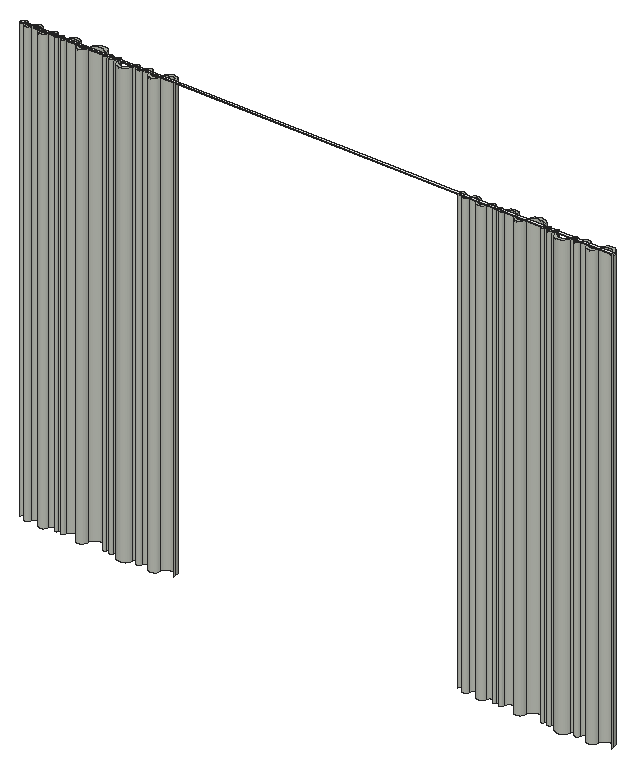
Revit family
Reference planes (in)
  plane 1 "Center (Front/Back)": y = 0
  plane 2: z = 0
  plane 3 "Center (Left/Right)": x = 0
Forms (in)
  Extrusion 1, solid, material "Living Room Curtain"
    sketch origin (36.75, 0, 0) x (-1, 0, 0) y (0, -1, 0)
      loop
        arc (-0.25, 0) -> (1.375, -1.625) -> (3, 0) r 1.625
        arc (3, 0) -> (4.25, 1.25) -> (5.5, 0) r 1.25
        arc (5.5, 0) -> (6.375, -0.875) -> (7.25, 0) r 0.875
        arc (7.25, 0) -> (7.875, 0.625) -> (8.5, 0) r 0.625
        arc (8.5, 0) -> (9, -0.5) -> (9.5, 0) r 0.5
        arc (9.5, 0) -> (11.25, 1.75) -> (13, 0) r 1.75
        arc (13, 0) -> (13.5, -0.5) -> (14, 0) r 0.5
        arc (14, 0) -> (14.5, 0.5) -> (15, 0) r 0.5
        arc (15, 0) -> (15.375, -0.375) -> (15.75, 0) r 0.375
        arc (15.75, 0) -> (16.125, 0.375) -> (16.5, 0) r 0.375
        arc (16.5, 0) -> (18.5, -2) -> (20.5, 0) r 2
        arc (20.5, 0) -> (21.75, 1.25) -> (23, 0) r 1.25
        arc (23, 0) -> (24.375, -1.375) -> (25.75, 0) r 1.375
        arc (25.75, 0) -> (26.25, 0.5) -> (26.75, 0) r 0.5
        arc (26.75, 0) -> (27.125, -0.375) -> (27.5, 0) r 0.375
        arc (27.5, 0) -> (27.875, 0.375) -> (28.25, 0) r 0.375
        arc (28.25, 0) -> (29, -0.75) -> (29.75, 0) r 0.75
        arc (29.75, 0) -> (30.875, 1.125) -> (32, 0) r 1.125
        arc (32, 0) -> (33, -1) -> (34, 0) r 1
        arc (34, 0) -> (34.75, 0.75) -> (35.5, 0) r 0.75
        arc (35.5, 0) -> (36.125, -0.625) -> (36.75, 0) r 0.625
        line (36.75, 0) -> (36.73208, 0.51307)
        arc (36.73208, 0.51307) -> (36.061, 0.00253) -> (35.49219, 0.625) r 0.625
        arc (35.49219, 0.625) -> (34.74219, 1.375) -> (33.99219, 0.625) r 0.75
        arc (33.99219, 0.625) -> (32.99219, -0.375) -> (31.99219, 0.625) r 1
        arc (31.99219, 0.625) -> (30.86719, 1.75) -> (29.74219, 0.625) r 1.125
        arc (29.74219, 0.625) -> (28.99219, -0.125) -> (28.24219, 0.625) r 0.75
        arc (28.24219, 0.625) -> (27.86719, 1) -> (27.49219, 0.625) r 0.375
        arc (27.49219, 0.625) -> (27.11719, 0.25) -> (26.74219, 0.625) r 0.375
        arc (26.74219, 0.625) -> (26.24219, 1.125) -> (25.74219, 0.625) r 0.5
        arc (25.74219, 0.625) -> (24.36719, -0.75) -> (22.99219, 0.625) r 1.375
        arc (22.99219, 0.625) -> (21.72067, 1.87481) -> (20.49293, 0.58196) r 1.25
        arc (20.49293, 0.58196) -> (18.41591, -1.24823) -> (16.5, 0.75) r 2
        arc (16.5, 0.75) -> (16.125, 1.125) -> (15.75, 0.75) r 0.375
        arc (15.75, 0.75) -> (15.375, 0.375) -> (15, 0.75) r 0.375
        arc (15, 0.75) -> (14.5, 1.25) -> (14, 0.75) r 0.5
        arc (14, 0.75) -> (13.5, 0.25) -> (13, 0.75) r 0.5
        arc (13, 0.75) -> (11.25, 2.5) -> (9.5, 0.75) r 1.75
        arc (9.5, 0.75) -> (9, 0.25) -> (8.5, 0.75) r 0.5
        arc (8.5, 0.75) -> (7.875, 1.375) -> (7.25, 0.75) r 0.625
        arc (7.25, 0.75) -> (6.375, -0.125) -> (5.5, 0.75) r 0.875
        arc (5.5, 0.75) -> (4.25, 2) -> (3, 0.75) r 1.25
        arc (3, 0.75) -> (1.375, -0.875) -> (-0.25, 0.75) r 1.625
        line (-0.25, 0.75) -> (-0.25, 0)
    from 0 to 106
  Extrusion 2, solid, material "Living Room Curtain"
    sketch origin (141.75, 0, 0) x (-1, 0, 0) y (0, -1, 0)
      loop
        arc (-0.25, 0) -> (1.375, -1.625) -> (3, 0) r 1.625
        arc (3, 0) -> (4.25, 1.25) -> (5.5, 0) r 1.25
        arc (5.5, 0) -> (6.375, -0.875) -> (7.25, 0) r 0.875
        arc (7.25, 0) -> (7.875, 0.625) -> (8.5, 0) r 0.625
        arc (8.5, 0) -> (9, -0.5) -> (9.5, 0) r 0.5
        arc (9.5, 0) -> (11.25, 1.75) -> (13, 0) r 1.75
        arc (13, 0) -> (13.5, -0.5) -> (14, 0) r 0.5
        arc (14, 0) -> (14.5, 0.5) -> (15, 0) r 0.5
        arc (15, 0) -> (15.375, -0.375) -> (15.75, 0) r 0.375
        arc (15.75, 0) -> (16.125, 0.375) -> (16.5, 0) r 0.375
        arc (16.5, 0) -> (18.5, -2) -> (20.5, 0) r 2
        arc (20.5, 0) -> (21.75, 1.25) -> (23, 0) r 1.25
        arc (23, 0) -> (24.375, -1.375) -> (25.75, 0) r 1.375
        arc (25.75, 0) -> (26.25, 0.5) -> (26.75, 0) r 0.5
        arc (26.75, 0) -> (27.125, -0.375) -> (27.5, 0) r 0.375
        arc (27.5, 0) -> (27.875, 0.375) -> (28.25, 0) r 0.375
        arc (28.25, 0) -> (29, -0.75) -> (29.75, 0) r 0.75
        arc (29.75, 0) -> (30.875, 1.125) -> (32, 0) r 1.125
        arc (32, 0) -> (33, -1) -> (34, 0) r 1
        arc (34, 0) -> (34.75, 0.75) -> (35.5, 0) r 0.75
        arc (35.5, 0) -> (36.125, -0.625) -> (36.75, 0) r 0.625
        line (36.75, 0) -> (36.73208, 0.51307)
        arc (36.73208, 0.51307) -> (36.061, 0.00253) -> (35.49219, 0.625) r 0.625
        arc (35.49219, 0.625) -> (34.74219, 1.375) -> (33.99219, 0.625) r 0.75
        arc (33.99219, 0.625) -> (32.99219, -0.375) -> (31.99219, 0.625) r 1
        arc (31.99219, 0.625) -> (30.86719, 1.75) -> (29.74219, 0.625) r 1.125
        arc (29.74219, 0.625) -> (28.99219, -0.125) -> (28.24219, 0.625) r 0.75
        arc (28.24219, 0.625) -> (27.86719, 1) -> (27.49219, 0.625) r 0.375
        arc (27.49219, 0.625) -> (27.11719, 0.25) -> (26.74219, 0.625) r 0.375
        arc (26.74219, 0.625) -> (26.24219, 1.125) -> (25.74219, 0.625) r 0.5
        arc (25.74219, 0.625) -> (24.36719, -0.75) -> (22.99219, 0.625) r 1.375
        arc (22.99219, 0.625) -> (21.72067, 1.87481) -> (20.49293, 0.58196) r 1.25
        arc (20.49293, 0.58196) -> (18.41591, -1.24823) -> (16.5, 0.75) r 2
        arc (16.5, 0.75) -> (16.125, 1.125) -> (15.75, 0.75) r 0.375
        arc (15.75, 0.75) -> (15.375, 0.375) -> (15, 0.75) r 0.375
        arc (15, 0.75) -> (14.5, 1.25) -> (14, 0.75) r 0.5
        arc (14, 0.75) -> (13.5, 0.25) -> (13, 0.75) r 0.5
        arc (13, 0.75) -> (11.25, 2.5) -> (9.5, 0.75) r 1.75
        arc (9.5, 0.75) -> (9, 0.25) -> (8.5, 0.75) r 0.5
        arc (8.5, 0.75) -> (7.875, 1.375) -> (7.25, 0.75) r 0.625
        arc (7.25, 0.75) -> (6.375, -0.125) -> (5.5, 0.75) r 0.875
        arc (5.5, 0.75) -> (4.25, 2) -> (3, 0.75) r 1.25
        arc (3, 0.75) -> (1.375, -0.875) -> (-0.25, 0.75) r 1.625
        line (-0.25, 0.75) -> (-0.25, 0)
    from 0 to 106
  Sweep 3, solid, material "Glass"
    path origin (0, 0, 0) x (1, 0, 0) y (0, 1, 0)
      loop
        line (0, 0) -> (142, 0)
    profile origin (71, 0, 0) x (0, 1, 0) y (0, 0, 1)
      loop
        circle (0, 105.81673) r 0.25
